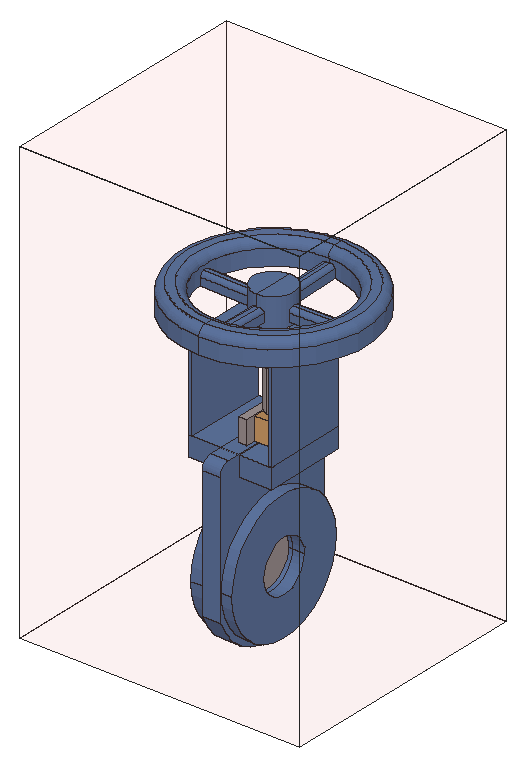
Revit family "Поли-Групп_ЗадвижкаШибернаяEAZ-ZT_DN50-500", category Арматура трубопроводов, Revit 2019
Family settings
  Размер круглого соединителя = Использовать диаметр
  Тип детали = Клапан - Вставляется
  На основе рабочей плоскости = Нет
  Всегда вертикально = Нет
  При загрузке вырезать с полостями = Нет
  Общий = Нет
Parameters (values of type "Загрузите типоразмеры из каталог семейств")
  Штурвал_Высота = DO * 0.25  # 45 mm
  Тип присоединения = "Межфланцевое"  # constant formula
  Тип привода = "Штурвал"  # constant formula
  Температура рабочей среды = "0 до +70°С"  # constant formula
  ТВ = "Поли-Групп_ЗадвижкаШибернаяEAZ-ZT_DN50-500"  # constant formula
  Срок службы = "50 лет"  # constant formula
  Сервисная зона_Вкл_Выкл [instance] = yes
  Рама_h = H2 - H3 - Штурвал_Высота  # 87 mm
  Шток_d = size_lookup(ТВ, "Tr", 20 mm, DN)  # 16 mm
  Шток_Смещение = O / 4  # 20 mm
  Разработчик = "https://3dbim.pro/"
  Рабочая среда = "Техническая вода, канализационные стоки, морская вода"  # constant formula
  Покрытие = "Высококачественное эпоксидное покрытие толщиной 300 мкм"  # constant formula
  Подшипник_d = size_lookup(ТВ, "Tr", 20 mm, DN) * 2  # 32 mm
  Назначение = "Для установки в качестве запорного устройства на трубопроводах"  # constant formula
  Материал Рамы = Сталь синий
  Материал Ножа = Сталь нержавеющая
  Материал уплотнителя = "NBR"  # constant formula
  Материал Диска = "Нержавеющая сталь марки 08Х18Н10"  # constant formula
  Крутящий момент = size_lookup(ТВ, "Крутящий момент", 0, DN, PN)  # 0
  Класс герметичности = "А по ГОСТ Р 9544-2015"  # constant formula
  Габаритные размеры = size_lookup(ТВ, "Габаритные размеры", "нет данных", DN, PN)  # "40х312х180"
  DO = size_lookup(ТВ, "DO", 500 mm, DN, PN)  # 180 mm
  PN = 10.0 bar
  O = size_lookup(ТВ, "O", 340 mm, DN, PN)  # 80 mm
  Стойка_t = H2 * 0.08  # 19.36 mm
  Стойка_Длина = O  # 80 mm
  Рама_t = 3 mm  # constant formula
  r = 10 mm  # constant formula
  Гайка_Ширина = size_lookup(ТВ, "Tr", 20 mm, DN) * 2  # 32 mm
  Гайка_Высота = size_lookup(ТВ, "Tr", 20 mm, DN) * 1.5  # 24 mm
  Нож_t = 8 mm  # constant formula
  Нож_Выступ = Рама_h * 0.25  # 21.75 mm
  r2 = r1 * 1.4  # 17.5 mm
  r1 = size_lookup(ТВ, "r1", 500 mm, DN, PN)  # 12.5 mm
  Kv = size_lookup(ТВ, "Kv", 1.00 m³/h, DN, PN)  # 1.00 m³/h
  D1 = size_lookup(ТВ, "D1", 340 mm, DN, PN)  # 125 mm
  k = size_lookup(ТВ, "k", 40 mm, DN, PN)  # 125 mm
  d = size_lookup(ТВ, "d", 20 mm, DN, PN)  # 16 mm
  XXL = H1 - 65 mm  # 5 mm
  L1 = size_lookup(ТВ, "L1", 500 mm, DN, PN)  # 17.2 mm
  L = size_lookup(ТВ, "L", 500 mm, DN, PN)  # 40 mm
  H3 = size_lookup(ТВ, "H3", 40 mm, DN, PN)  # 110 mm
  H2 = size_lookup(ТВ, "H2", 40 mm, DN, PN)  # 242 mm
  H1 = size_lookup(ТВ, "H1", 40 mm, DN, PN)  # 70 mm
  E = size_lookup(ТВ, "E", 340 mm, DN, PN)  # 136 mm
  DN = 50 mm
  ADSK_Расход жидкости [instance] = 0.00 m³/h
  ADSK_Примечание = ""
  ADSK_Потеря давления жидкости [instance] = (ADSK_Расход жидкости / Kv) ^ 2 * 1.0 bar  # 0.0 bar
  ADSK_Позиция = ""
  ADSK_Обозначение = ""
  ADSK_Наименование краткое = size_lookup(ТВ, "ADSK_Наименование краткое", "нет данных", DN, PN)  # "Задвижка шиберно-ножевая EAZ ZT DN50 PN10"
  ADSK_Наименование = size_lookup(ТВ, "ADSK_Наименование", "нет данных", DN, PN)  # "Задвижка шиберно-ножевая EAZ ZT для сточных вод межфланцевая DN50 PN10"
  ADSK_Материал наименование = "Высокопрочный чугун с шаровидным графитом (GGG-40) "  # constant formula
  ADSK_Материал = Высокопрочный чугун GGG-40
  ADSK_Масса_Текст = size_lookup(ТВ, "ADSK_Масса_Текст", "нет данных", DN, PN)  # "4.95"
  ADSK_Масса = size_lookup(ТВ, "ADSK_Масса", 0, DN, PN)  # 4.95
  ADSK_Марка = size_lookup(ТВ, "ADSK_Код изделия", "нет данных", DN, PN)  # "EAZ-KV-1 DN50 PN10"
  ADSK_Код изделия = ""
  ADSK_Завод-изготовитель = "ООО ПК «Поли-Групп»"  # constant formula
  ADSK_Единица измерения = "шт"  # constant formula
  ADSK_Версия Revit = "2019"  # constant formula
  ADSK_URL страницы изделия = "https://www.polycorr.ru/"
Reference planes
  plane 1 "По центру (Вперед/Назад)": y = 0
  plane 2: z = 0
  plane 3 "По центру (Влево/Вправо)": x = 0
  plane 4: z = 242
  plane 5: z = -70
  plane 6: y = 68
  plane 7: y = -68
  plane 8: x = 20
  plane 9: x = -20
  plane 10: x = 8.6
  plane 11: x = -8.6
  plane 12: y = -52
  plane 13: y = 52
  plane 14 "Стойки h": z = 197
  plane 15: z = 110
  plane 16: z = 131.75
  plane 17: y = -62.5
  plane 18: y = 62.5
  plane 19: y = 40
  plane 20: y = -40
  plane 21: x = -40
  plane 22: x = 40
  plane 23: z = 90.64
  plane 24: y = 15
  plane 25: y = -15
  plane 26: x = 10
  plane 27: x = -10
  plane 28: y = 40
  plane 29: x = 40
  plane 30: x = -40
  plane 31: y = -40
  plane 32 "Стойки t": z = 194
  plane 33: x = 20
  plane 34: x = 4
  plane 35: x = -4
  plane 36: z = 107.75
  plane 37: z = 5
  plane 38: x = -37
  plane 39: x = 37
  plane 40: y = 40
  plane 41: y = -40
Forms (mm)
  Extrusion 1, solid, material "Высокопрочный чугун GGG-40", detail levels fine
    sketch origin (-8.6, 166.937, 1200) x (0, 1, 0) y (0, 0, -1)
      loop
        line (-229.437, 1226.791) -> (-229.437, 1100)
        arc (-229.437, 1100) -> (-226.508, 1092.929) -> (-219.437, 1090) r 10
        line (-219.437, 1090) -> (-114.437, 1090)
        arc (-114.437, 1090) -> (-107.366, 1092.929) -> (-104.437, 1100) r 10
        line (-104.437, 1100) -> (-104.437, 1226.791)
        arc (-104.437, 1226.791) -> (-166.937, 1268) -> (-229.437, 1226.791) r 68
      loop
        circle (-166.937, 1200) r 25
    from 0 to -17.2
  Extrusion 2, solid, material "Высокопрочный чугун GGG-40", detail levels fine
    sketch origin (-20, -215.852, 1200) x (0, -1, 0) y (0, 0, 1)
      loop
        circle (-215.852, -1200) r 62.5
      loop
        circle (-215.852, -1200) r 25
    from 0 to -40
  Extrusion 3, solid, material "Высокопрочный чугун GGG-40", detail levels fine
    sketch origin (-8.6, 52.5, 110) x (0, -1, 0) y (1, 0, 0)
      loop
        line (92.5, 48.6) -> (12.5, 48.6) -> (12.5, -31.4) -> (92.5, -31.4) -> (92.5, 48.6)
    from -19.36 to 0
  Extrusion 4, solid, material "Сталь нержавеющая" <- "Материал Ножа", detail levels fine
    sketch origin (0, 0, 0) x (0, 1, 0) y (0, 0, 1)
      loop
        line (-25, 131.75) -> (-25, 0)
        arc (-25, 0) -> (0, -25) -> (25, 0) r 25
        line (25, 0) -> (25, 131.75) -> (-25, 131.75)
    from -4 to 4
  Extrusion 5, solid, material "Сталь нержавеющая" <- "Материал Ножа", detail levels fine
    sketch origin (0, -37.071, 110) x (0, 1, 0) y (-1, 0, 0)
      loop
        circle (37.071, -10) r 8
    from -2.25 to 87
  Extrusion 6, solid, material "Сталь синий" <- "Материал Рамы", detail levels fine
    sketch origin (0, 51.594, 194) x (0, 1, 0) y (-1, 0, 0)
      loop
        line (-11.594, 40) -> (-91.594, 40) -> (-91.594, -40) -> (-11.594, -40) -> (-11.594, 40)
    from 0 to 3
  Extrusion 7, solid, material "Латунь", detail levels fine
    sketch origin (4, 216.444, 1200) x (0, 1, 0) y (0, 0, 1)
      loop
        line (-200.444, -1092.25) -> (-200.444, -1068.25) -> (-232.444, -1068.25) -> (-232.444, -1092.25) -> (-200.444, -1092.25)
    from 0 to 16
  Extrusion 8, solid, material "Сталь синий" <- "Материал Рамы", detail levels fine
    sketch origin (0, 0, 0) x (1, 0, 0) y (0, 0, 1)
      loop
        line (-40, 194) -> (-40, 110) -> (-37, 110) -> (-37, 194) -> (-40, 194)
      loop
        line (40, 110) -> (40, 194) -> (37, 194) -> (37, 110) -> (40, 110)
    from -40 to 40
Cuts and joins
  joined: Extrusion 1, Extrusion 2
  joined: Extrusion 6, Extrusion 8
Dimensions and locks
  "H2": plane 4 to level
  "H1": level to plane 5
  equal spacing: plane 6, plane 1 "По центру (Вперед/Назад)", plane 7
  "E": plane 6 to plane 7
  equal spacing: plane 9, plane 3 "По центру (Влево/Вправо)", plane 8
  "L": plane 9 to plane 8
  equal spacing: plane 11, plane 3 "По центру (Влево/Вправо)", plane 10
  "L1": plane 11 to plane 10
  plane 3 "По центру (Влево/Вправо)" to plane 8 = 20 mm
  "H3": plane 15 to level
  "Нож_Выступ": plane 16 to plane 15
  equal spacing: plane 20, plane 1 "По центру (Вперед/Назад)", plane 19
  "Стойка_Длина": plane 20 to plane 19
  equal spacing: plane 21, plane 3 "По центру (Влево/Вправо)", plane 22
  "O": plane 21 to plane 22
  "Стойка_t": plane 15 to plane 23
  "Рама_h": plane 14 "Стойки h" to plane 15
  equal spacing: plane 25, plane 1 "По центру (Вперед/Назад)", plane 24
  equal spacing: plane 27, plane 3 "По центру (Влево/Вправо)", plane 26
  "Шток_Смещение": plane 27 to plane 26
  equal spacing: plane 28, plane 1 "По центру (Вперед/Назад)", plane 31
  "O": plane 28 to plane 31
  equal spacing: plane 30, plane 3 "По центру (Влево/Вправо)", plane 29
  "O": plane 30 to plane 29
  equal spacing: plane 18, plane 1 "По центру (Вперед/Назад)", plane 17
  "D1": plane 18 to plane 17
  "Рама_t": plane 14 "Стойки h" to plane 32 "Стойки t"
  equal spacing: plane 3 "По центру (Влево/Вправо)", plane 33, plane 22
  equal spacing: plane 35, plane 3 "По центру (Влево/Вправо)", plane 34
  "Нож_t": plane 35 to plane 34
  "Гайка_Высота": plane 16 to plane 36
  equal spacing: Extrusion 7 sketch curve, plane 1 "По центру (Вперед/Назад)", Extrusion 7 sketch curve
  "Гайка_Ширина": Extrusion 7 sketch curve to Extrusion 7 sketch curve
  "XXL": plane 37 to plane 2
  "Рама_t": plane 38 to plane 30
  "Рама_t": plane 29 to plane 39
  equal spacing: plane 40, plane 1 "По центру (Вперед/Назад)", plane 41
  "O": plane 40 to plane 41
  "E": diameter of Extrusion 1 sketch curve
  "D1": diameter of Extrusion 2 sketch curve
  "DN": diameter of Extrusion 4 sketch curve
  "DN": diameter of Extrusion 2 sketch curve
  "DN": diameter of Extrusion 1 sketch curve
  "r": radius of Extrusion 1 sketch curve  (x2)
  "Шток_d": diameter of Extrusion 5 sketch curve
  aligned and locked: level to plane 2
  aligned and locked: plane 10 to Extrusion 1
  aligned and locked: plane 8 to Extrusion 2
  aligned and locked: plane 1 "По центру (Вперед/Назад)" to nested 1
  aligned and locked: Extrusion 1 sketch curve to plane 15
  aligned and locked: plane 17 to Extrusion 1 sketch curve
  aligned and locked: plane 18 to Extrusion 1 sketch curve
  aligned and locked: plane 16 to Extrusion 4 sketch curve
  aligned and locked: Extrusion 3 to plane 23
  aligned and locked: plane 14 "Стойки h" to Extrusion 5
  aligned and locked: Extrusion 6 sketch curve to plane 28
  aligned and locked: plane 30 to Extrusion 6 sketch curve
  aligned and locked: plane 31 to Extrusion 6 sketch curve
  aligned and locked: plane 29 to Extrusion 6 sketch curve
  aligned and locked: plane 14 "Стойки h" to Extrusion 6
  aligned and locked: level to Extrusion 4 sketch curve
  aligned and locked: plane 1 "По центру (Вперед/Назад)" to Extrusion 4 sketch curve
  aligned and locked: plane 34 to Extrusion 4
  aligned and locked: plane 35 to Extrusion 4
  aligned and locked: plane 36 to Extrusion 7 sketch curve
  aligned and locked: Extrusion 7 to plane 33
  aligned and locked: plane 15 to Extrusion 3
  aligned and locked: nested 1 to plane 26
  aligned and locked: Extrusion 8 sketch curve to Extrusion 6
  aligned and locked: Extrusion 8 sketch curve to Extrusion 3
  aligned and locked: Extrusion 8 sketch curve to plane 32 "Стойки t"
  aligned and locked: Extrusion 8 sketch curve to plane 39
  aligned and locked: plane 38 to Extrusion 8 sketch curve
  aligned and locked: plane 28 to Extrusion 8
  aligned and locked: Extrusion 8 to plane 31
  aligned and locked: plane 40 to Extrusion 3 sketch curve  (x2)
  aligned and locked: plane 30 to Extrusion 3 sketch curve
  aligned and locked: plane 22 to Extrusion 3 sketch curve
  aligned and locked: Extrusion 5 to plane 36
  aligned and locked: plane 3 "По центру (Влево/Вправо)" to nested 2
  aligned and locked: level to nested 2
  aligned and locked: Extrusion 3 sketch curve to plane 31
  aligned and locked: plane 3 "По центру (Влево/Вправо)" to nested 3
  aligned and locked: plane 1 "По центру (Вперед/Назад)" to nested 3
  aligned and locked: nested 4 to level
  aligned and locked: plane 3 "По центру (Влево/Вправо)" to nested 4
  aligned and locked: nested 3 to level
Automatic sketch dimensions
  Extrusion 8 sketch curve to plane 15 = 0 mm  (x2)
  Extrusion 8 sketch curve to plane 32 "Стойки t" = 0 mm
  Extrusion 1 sketch curve to Extrusion 1 sketch curve = 0 mm  (x2)
  Extrusion 1 sketch curve to level = 0 mm
  Extrusion 1 sketch curve to plane 1 "По центру (Вперед/Назад)" = 0 mm
  Extrusion 2 sketch curve to Extrusion 2 sketch curve = 0 mm  (x2)
  Extrusion 2 sketch curve to level = 0 mm
  Extrusion 2 sketch curve to plane 1 "По центру (Вперед/Назад)" = 0 mm
  plane 1 "По центру (Вперед/Назад)" to Extrusion 5 sketch curve = 0 mm
  Extrusion 5 sketch curve to plane 26 = 0 mm
  Extrusion 7 sketch curve to plane 16 = 0 mm
Nested families
  nested 1: "Вл_Штурвал" at (10, 0, 197) x (0, -1, 0) z (0, 0, 1), type "Вл_Штурвал", detail levels fine
    with Штурвал_Осьd 156.6 mm, Штурвал_Высота 45 mm, Штурвал_КольцоШирина 23.4 mm, Держалка_Ширина/2 5.85 mm, Держалка_Ширина 11.7 mm, Держалка_d 121.5 mm, Держалка_Отступ 4.5 mm, Штурвал_ВнКольцоВысота 27.72 mm, Штурвал_ВнВысота 29.25 mm, DO 180 mm, Штурвал_Скруглений_r 7.722 mm, Штурвал_ВнКольцо_r 19.8 mm, Штурвал_Стойка_D 22.5 mm, D_Гайка 13.2 mm, DN 50 mm
  nested 2: "Вл_СервиснаяЗона" at (0, 0, 0), visible <- "Сервисная зона_Вкл_Выкл", type "Вл_СервиснаяЗона"
    with on_off yes, ДиаметрФланца 125 mm, СЗ_ВысотаПодОсью 62.5 mm, СЗ_ВысотаНадОсью 363 mm, СЗ_ШиринаВперед 125 mm, Длина 180 mm, СЗ_Длина 270 mm, ВысотаНадОсью 242 mm, СЗ_ШиринаНазад 125 mm, ВысотаПодОсью 125 mm
  nested 3: "УГО_АТ_Задвижка" at (-0.685, 0, 0) x (1, 0, 0) z (0, -1, 0), type "УГО_АТ_Задвижка", detail levels coarse+medium
    with УГО_Длина 40 mm, b 11.547 mm
  nested 4: "УГО_ЭУ_Задвижка" at (0, 0, 0) x (1, 0, 0) z (0, -1, 0), type "УГО_ЭУ_Задвижка", detail levels coarse+medium
    with УГО_Длина 40 mm, b 11.547 mm
Connectors
  piping at (-20, 0, 0), diameter 50, driven by "DN", driven by "ADSK_Расход жидкости"
    settings: on cut or joined group of Extrusion 1, Extrusion 2, index 1, connector inside diameter 609.6 mm, connector length 0 mm, flow factor 0, pipe flow 0.00 m³/h, pressure drop 0.0 bar, fitting loss kfactor 0, connector angle 0.00°, fixture units 0, engagement length 0 mm, angle of deflection 0.00°, flow configuration 0, flow direction 0, fitting loss method 0, system type 29, joint type 0, gender type 0, connector reference index 2, connector utility 0, adjustable connector no, is connector primary yes, connector description ""
  piping at (20, 0, 0), diameter 50, driven by "DN", driven by "ADSK_Расход жидкости", driven by "ADSK_Потеря давления жидкости"
    settings: on cut or joined group of Extrusion 1, Extrusion 2, index 2, connector inside diameter 609.6 mm, connector length 0 mm, flow factor 0, pipe flow 0.00 m³/h, pressure drop 0.0 bar, fitting loss kfactor 0, connector angle 0.00°, fixture units 0, engagement length 0 mm, angle of deflection 0.00°, flow configuration 0, flow direction 0, fitting loss method 4, system type 29, joint type 0, gender type 0, connector reference index 1, connector utility 0, adjustable connector no, is connector primary no, connector description ""
Definition of nested family "Вл_Штурвал"
  Parameters (values of type "Вл_Штурвал")
    Штурвал_Осьd = DO - Штурвал_КольцоШирина  # 783 mm
    Штурвал_Высота = DO * 0.25  # 225 mm
    Штурвал_КольцоШирина = DO * 0.13  # 117 mm
    Держалка_Ширина/2 = Держалка_Ширина * 0.5  # 29.25 mm
    Держалка_Ширина = Штурвал_КольцоШирина / 2  # 58.5 mm
    Держалка_d = Штурвал_Осьd - Штурвал_КольцоШирина * 1.5  # 607.5 mm
    Держалка_Отступ = Штурвал_Стойка_D * 0.2  # 22.5 mm
    Default Elevation = 1219.2 mm
    Материал_Штурвал = none
    Manufacturer = ""
    Штурвал_ВнКольцоВысота = Штурвал_ВнКольцо_r * 1.4  # 138.6 mm
    Штурвал_ВнВысота = Штурвал_Высота * 0.65  # 146.25 mm
    DO = 900 mm
    URL = ""
    Штурвал_Скруглений_r = Штурвал_КольцоШирина * 0.33  # 38.61 mm
    Штурвал_ВнКольцо_r = DO * 0.11  # 99 mm
    Штурвал_Стойка_D = Штурвал_Высота * 0.5  # 112.5 mm
    D_Гайка = Штурвал_ВнКольцо_r / 1.5  # 66 mm
    DN = 250 mm
  Reference planes
    plane 1 "По центру (Вперед/Назад)": y = 0
    plane 2: z = 0
    plane 3 "По центру (Влево/Вправо)": x = 0
    plane 4: x = 450
    plane 5: x = -450
    plane 6: y = 450
    plane 7: y = -450
    plane 8: z = 225
    plane 9: z = 108
    plane 10: x = 333
    plane 11: z = 217.35
    plane 12: z = 137.25
    plane 13: z = 78.75
    plane 14: x = 99
    plane 15: z = 101.25
  Forms (mm)
    Revolve 1, solid
      sketch origin (0, 0, 0) x (1, 0, 0) y (0, 0, 1)
        loop
          arc (371.61, 225) -> (344.309, 213.691) -> (333, 186.39) r 38.61
          line (333, 186.39) -> (333, 108) -> (450, 108) -> (450, 186.39)
          arc (450, 186.39) -> (438.691, 213.691) -> (411.39, 225) r 38.61
          line (411.39, 225) -> (371.61, 225)
        axis (0, 225) -> (0, 108)
      angle from 0 to 360
    Revolve 2, solid
      sketch origin (0, 0, 0) x (1, 0, 0) y (0, 0, 1)
        loop
          line (0, 217.35) -> (0, 78.75) -> (99, 78.75) -> (99, 217.35) -> (0, 217.35)
        axis (0, 217.35) -> (0, 78.75)
      angle from 0 to 360
    Extrusion 3, solid
      sketch origin (-128.236, -1524, 257.2) x (-1, 0, 0) y (0, -1, 0)
        loop
          circle (-128.236, -1524) r 56.25
      from -178.45 to -257.2
    Sweep 4, solid
      path in 3D
        loop
          line (0, 7.5, 101.25) -> (0, 435, 108) -> (0, 444, 108)
      profile "Вл_ПрофильШтурвала : Вл_ПрофильШтурвала" origin (0, 439.5, 108) x (0, 0, 1) y (1, 0, 0)
        loop
          arc (58.5, 9.75) -> (52.789, 23.539) -> (39, 29.25) r 19.5
          line (39, 29.25) -> (0, 29.25) -> (0, -29.25) -> (39, -29.25)
          arc (39, -29.25) -> (52.789, -23.539) -> (58.5, -9.75) r 19.5
          line (58.5, -9.75) -> (58.5, 9.75)
    Sweep 5, solid
      path in 3D
        loop
          line (-7.5, 0, 101.25) -> (-435, 0, 108) -> (-444, 0, 108)
      profile "Вл_ПрофильШтурвала : Вл_ПрофильШтурвала" origin (-439.5, 0, 108) x (0, 0, -1) y (0, -1, 0)
        loop
          arc (-58.5, -9.75) -> (-52.789, -23.539) -> (-39, -29.25) r 19.5
          line (-39, -29.25) -> (0, -29.25) -> (0, 29.25) -> (-39, 29.25)
          arc (-39, 29.25) -> (-52.789, 23.539) -> (-58.5, 9.75) r 19.5
          line (-58.5, 9.75) -> (-58.5, -9.75)
    Sweep 6, solid
      path in 3D
        loop
          line (0, -7.5, 101.25) -> (0, -435, 108) -> (0, -444, 108)
      profile "Вл_ПрофильШтурвала : Вл_ПрофильШтурвала" origin (0, -439.5, 108) x (0, 0, -1) y (1, 0, 0)
        loop
          arc (-58.5, -9.75) -> (-52.789, -23.539) -> (-39, -29.25) r 19.5
          line (-39, -29.25) -> (0, -29.25) -> (0, 29.25) -> (-39, 29.25)
          arc (-39, 29.25) -> (-52.789, 23.539) -> (-58.5, 9.75) r 19.5
          line (-58.5, 9.75) -> (-58.5, -9.75)
    Sweep 7, solid
      path in 3D
        loop
          line (7.5, 0, 101.25) -> (330, 0, 108) -> (444, 0, 108)
      profile "Вл_ПрофильШтурвала : Вл_ПрофильШтурвала" origin (387, 0, 108) x (0, 0, 1) y (0, -1, 0)
        loop
          arc (58.5, 9.75) -> (52.789, 23.539) -> (39, 29.25) r 19.5
          line (39, 29.25) -> (0, 29.25) -> (0, -29.25) -> (39, -29.25)
          arc (39, -29.25) -> (52.789, -23.539) -> (58.5, -9.75) r 19.5
          line (58.5, -9.75) -> (58.5, 9.75)
  Cuts and joins
    joined: Revolve 1, Revolve 2, Sweep 4, Sweep 5, Sweep 6, Sweep 7
  Lines and regions (mm)
    reference lines
      curve 1: circle (0, 0, 108) r 391.5 normal (0, 0, 1)
      curve 2: circle (0, 0, 101.25) r 49.5 normal (0, 0, 1)
      curve 3: circle (0, 0, 108) r 303.75 normal (0, 0, 1)
      curve 4: line (-7.5, 0, 101.25) -> (-435, 0, 108)
      curve 5: line (-435, 0, 108) -> (-444, 0, 108)
      curve 6: line (7.5, 0, 101.25) -> (330, 0, 108)
      curve 7: line (330, 0, 108) -> (444, 0, 108)
      curve 8: line (0, 7.5, 101.25) -> (0, 435, 108)
      curve 9: line (0, 435, 108) -> (0, 444, 108)
      curve 10: line (0, -7.5, 101.25) -> (0, -435, 108)
      curve 11: line (0, -435, 108) -> (0, -444, 108)
    sketch lines
      curve 12: line (0, 435, 108) -> (0, 444, 108)
      curve 13: line (0, 7.5, 101.25) -> (0, 435, 108)
      curve 14: line (-435, 0, 108) -> (-444, 0, 108)
      curve 15: line (-7.5, 0, 101.25) -> (-435, 0, 108)
      curve 16: line (0, -435, 108) -> (0, -444, 108)
      curve 17: line (0, -7.5, 101.25) -> (0, -435, 108)
      curve 18: line (330, 0, 108) -> (444, 0, 108)
      curve 19: line (7.5, 0, 101.25) -> (330, 0, 108)
  Dimensions and locks
    equal spacing: plane 6, plane 1 "По центру (Вперед/Назад)", plane 7
    "DO": plane 6 to plane 7
    equal spacing: plane 5, plane 3 "По центру (Влево/Вправо)", plane 4
    "DO": plane 5 to plane 4
    "Штурвал_КольцоШирина": plane 8 to plane 9
    "Штурвал_КольцоШирина": plane 4 to plane 10
    "Штурвал_ВнКольцоВысота": plane 11 to plane 13
    "Штурвал_ВнКольцо_r": plane 14 to plane 3 "По центру (Влево/Вправо)"
    "Держалка_Ширина/2": plane 12 to plane 9
    "Штурвал_ВнВысота": plane 8 to plane 13
    "Держалка_Отступ": plane 15 to plane 13
    "Штурвал_Высота": plane 8 to level
    "Штурвал_Стойка_D": diameter of Extrusion 3 sketch curve
    "Штурвал_Осьd": diameter of curve 1
    "Штурвал_ВнКольцо_r": diameter of curve 2
    "Штурвал_Скруглений_r": radius of Revolve 1 sketch curve  (x2)
    "Держалка_d": diameter of curve 3
    aligned and locked: level to plane 2
    aligned and locked: Revolve 1 sketch curve to plane 8
    aligned and locked: plane 10 to Revolve 1 sketch curve
    aligned and locked: plane 9 to Revolve 1 sketch curve
    aligned and locked: Revolve 1 sketch curve to plane 4
    aligned and locked: Revolve 1 sketch curve to plane 3 "По центру (Влево/Вправо)"
    aligned and locked: Revolve 2 sketch curve to plane 11
    aligned and locked: plane 3 "По центру (Влево/Вправо)" to Revolve 2 sketch curve
    aligned and locked: plane 13 to Revolve 2 sketch curve
    aligned and locked: Revolve 2 sketch curve to plane 14
    aligned and locked: Revolve 2 sketch curve to plane 3 "По центру (Влево/Вправо)"
    aligned and locked: curve 2 to curve 4
    aligned and locked: curve 4 to curve 3
    aligned and locked: curve 5 to curve 1
    aligned and locked: curve 2 to curve 6
    aligned and locked: curve 3 to curve 6
    aligned and locked: curve 1 to curve 7
    aligned and locked: curve 2 to curve 8
    aligned and locked: curve 3 to curve 8
    aligned and locked: curve 1 to curve 9
    aligned and locked: curve 2 to curve 10
    aligned and locked: curve 10 to curve 3
    aligned and locked: curve 11 to curve 1
    aligned and locked: Extrusion 3 to level
    aligned and locked: plane 13 to Extrusion 3
  Automatic sketch dimensions
    Revolve 2 sketch curve to plane 13 = 0 mm
    Revolve 2 sketch curve to Revolve 2 sketch curve = 70 mm
    plane 8 to Revolve 2 sketch curve = 40 mm
    plane 5 to curve 5 = 15 mm
    plane 5 to curve 5 = 6 mm
    curve 4 to plane 3 "По центру (Влево/Вправо)" = 7.5 mm
    plane 3 "По центру (Влево/Вправо)" to curve 6 = 7.5 mm
    curve 7 to plane 10 = 3 mm
    curve 7 to plane 4 = 6 mm
    curve 9 to plane 6 = 15 mm
    curve 8 to plane 1 "По центру (Вперед/Назад)" = 7.5 mm
    plane 1 "По центру (Вперед/Назад)" to curve 10 = 7.5 mm
    plane 7 to curve 11 = 15 mm
    plane 7 to curve 11 = 6 mm
    curve 9 to plane 6 = 6 mm
    plane 8 to Revolve 1 sketch curve = 4.2 mm
    Revolve 1 sketch curve to Revolve 1 sketch curve = 155.8 mm
    plane 1 "По центру (Вперед/Назад)" to Extrusion 3 sketch curve = 0 mm
    Extrusion 3 sketch curve to plane 3 "По центру (Влево/Вправо)" = 0 mm
    plane 1 "По центру (Вперед/Назад)" to curve 2 = 0 mm
    curve 2 to plane 3 "По центру (Влево/Вправо)" = 0 mm
    curve 1 to curve 3 = 0 mm  (x2)
    plane 1 "По центру (Вперед/Назад)" to curve 3 = 0 mm
    curve 3 to plane 3 "По центру (Влево/Вправо)" = 0 mm
Definition of nested family "Вл_СервиснаяЗона"
  Parameters (values of type "Вл_СервиснаяЗона")
    ДиаметрФланца = 285 mm
    СЗ_ВысотаПодОсью = ВысотаПодОсью * 0.5  # 200 mm
    СЗ_ВысотаНадОсью = ВысотаНадОсью * 1.5  # 1174.5 mm
    СЗ_ШиринаВперед = ДиаметрФланца  # 285 mm
    Default Elevation = 1219.2 mm
    Материал = none
    Длина = 400 mm
    СЗ_Длина = Длина * 1.5  # 600 mm
    ВысотаНадОсью = 783 mm
    СЗ_ШиринаНазад = ДиаметрФланца  # 285 mm
    ВысотаПодОсью = 400 mm
    on_off [instance] = yes
  Reference planes
    plane 1 "По центру (Вперед/Назад)": y = 0
    plane 2: z = 0
    plane 3 "По центру (Влево/Вправо)": x = 0
    plane 4: x = -300
    plane 5: x = 300
    plane 6: z = 1174.5
    plane 7: y = 285
    plane 8: y = -285
    plane 9: z = -200
  Forms (mm)
    Extrusion 1, solid, material <- "Материал", visible <- "on_off", detail levels fine
      sketch origin (0, 0, 0) x (1, 0, 0) y (0, 1, 0)
        loop
          line (-300, 285) -> (-300, -285) -> (300, -285) -> (300, 285) -> (-300, 285)
      from -200 to 1174.5
  Lines and regions (mm)
    symbolic lines, visible <- "on_off", detail levels fine
      curve 1: line (-300, 0, 1174.5) -> (300, 0, 1174.5)
      curve 2: line (300, 0, 1174.5) -> (300, 0, -200)
      curve 3: line (-300, -285, 0) -> (-300, 285, 0)
      curve 4: line (300, 285, 0) -> (300, -285, 0)
  Dimensions and locks
    equal spacing: plane 4, plane 3 "По центру (Влево/Вправо)", plane 5
    "СЗ_Длина": plane 4 to plane 5
    "СЗ_ВысотаНадОсью": plane 6 to level
    "СЗ_ВысотаПодОсью": level to plane 9
    "СЗ_ШиринаВперед": plane 1 "По центру (Вперед/Назад)" to plane 8
    "СЗ_ШиринаНазад": plane 7 to plane 1 "По центру (Вперед/Назад)"
    aligned and locked: level to plane 2
    aligned and locked: Extrusion 1 sketch curve to plane 4
    aligned and locked: Extrusion 1 sketch curve to plane 5
    aligned and locked: curve 1 to plane 6
    aligned and locked: curve 2 to plane 5
    aligned and locked: curve 3 to plane 4
    aligned and locked: curve 4 to plane 5
    aligned and locked: plane 9 to curve 2
    aligned and locked: Extrusion 1 to plane 8
    aligned and locked: plane 7 to Extrusion 1
    aligned and locked: plane 6 to Extrusion 1
    aligned and locked: Extrusion 1 to plane 9
  Automatic sketch dimensions
    Extrusion 1 sketch curve to plane 8 = 0 mm
    Extrusion 1 sketch curve to plane 7 = 0 mm
    plane 8 to curve 4 = 0 mm
    curve 3 to plane 8 = 0 mm
    plane 7 to curve 4 = 0 mm
    curve 3 to plane 7 = 0 mm
    curve 1 to plane 4 = 0 mm
Definition of nested family "УГО_АТ_Задвижка"
  Parameters (values of type "УГО_АТ_Задвижка")
    УГО_Длина = 210 mm
    b = (УГО_Длина / 2) * tan(30.00°)  # 60.622 mm
  Reference planes
    plane 1 "По центру (Вперед/Назад)": y = 0
    plane 2: z = 0
    plane 3 "По центру (Влево/Вправо)": x = 0.685
    plane 4: z = 60.622
    plane 5: z = -60.622
    plane 6: x = -104.315
    plane 7: x = 105.685
  Forms (mm)
    Extrusion 1, solid
      sketch origin (0, 0, 0) x (1, 0, 0) y (0, 0, 1)
        loop
          line (0.685, 0) -> (-104.315, 60.622) -> (-104.315, -60.622) -> (0.685, 0)
      from -1 to 1
    Extrusion 2, solid
      sketch origin (0, 0, 0) x (-1, 0, 0) y (0, 0, -1)
        loop
          line (-0.685, 0) -> (-105.685, 60.622) -> (-105.685, -60.622) -> (-0.685, 0)
      from -1 to 1
  Lines and regions (mm)
    model lines
      curve 1: line (0.685, 0, 60.622) -> (0.685, 0, -60.622)
  Dimensions and locks
    equal spacing: plane 4, level, plane 5
    "b": plane 4 to level
    equal spacing: plane 7, plane 3 "По центру (Влево/Вправо)", plane 6
    "УГО_Длина": plane 7 to plane 6
    locked: plane 2 to Extrusion 2 sketch curve (angle 30.00°)
    locked: Extrusion 2 sketch curve to plane 2 (angle 30.00°)
    locked: Extrusion 1 sketch curve to plane 2 (angle 30.00°)
    locked: plane 2 to Extrusion 1 sketch curve (angle 30.00°)
    aligned and locked: level to plane 2
    aligned and locked: curve 1 to plane 3 "По центру (Влево/Вправо)"
    aligned and locked: plane 4 to curve 1
    aligned and locked: plane 5 to curve 1
    aligned and locked: Extrusion 1 sketch curve to plane 6
    aligned and locked: Extrusion 2 sketch curve to plane 7
  Automatic sketch dimensions
    Extrusion 1 sketch curve to level = 0 mm
    Extrusion 1 sketch curve to plane 3 "По центру (Влево/Вправо)" = 0 mm
    Extrusion 2 sketch curve to level = 0 mm
    Extrusion 2 sketch curve to plane 3 "По центру (Влево/Вправо)" = 0 mm
Definition of nested family "УГО_ЭУ_Задвижка"
  Parameters (values of type "УГО_ЭУ_Задвижка")
    УГО_Длина = 60 mm
    b = (УГО_Длина / 2) * tan(30.00°)  # 17.321 mm
  Reference planes
    plane 1 "По центру (Вперед/Назад)": y = 0
    plane 2: z = 0
    plane 3 "По центру (Влево/Вправо)": x = 0
    plane 4: x = -30
    plane 5: x = 30
    plane 6: y = 17.321
    plane 7: y = -17.321
  Lines and regions (mm)
    Filled region 1, type "Сплошная заливка - Белый", in view "Опорный уровень"
      outline origin (0, 0, 0) x (1, 0, 0) y (0, 1, 0)
        loop
          line (0, 0) -> (-30, 17.321) -> (-30, -17.321) -> (0, 0)
    Filled region 2, type "Сплошная заливка - Белый", in view "Опорный уровень"
      outline origin (0, 0, 0) x (1, 0, 0) y (0, 1, 0)
        loop
          line (0, 0) -> (30, -17.321) -> (30, 17.321) -> (0, 0)
    detail lines, in view "Опорный уровень"
      curve 1: line (0, 0, 0) -> (-30, 17.321, 0)
      curve 2: line (0, 0, 0) -> (-30, -17.321, 0)
      curve 3: line (-30, -17.321, 0) -> (-30, 17.321, 0)
      curve 4: line (0, 0, 0) -> (30, 17.321, 0)
      curve 5: line (0, 0, 0) -> (30, -17.321, 0)
      curve 6: line (30, -17.321, 0) -> (30, 17.321, 0)
      curve 7: line (0, -17.321, 0) -> (0, 17.321, 0)
  Dimensions and locks
    equal spacing: plane 4, plane 3 "По центру (Влево/Вправо)", plane 5
    "УГО_Длина": plane 4 to plane 5
    equal spacing: plane 6, plane 1 "По центру (Вперед/Назад)", plane 7
    "b": plane 6 to plane 1 "По центру (Вперед/Назад)"
    locked: plane 1 "По центру (Вперед/Назад)" to curve 4 (angle 30.00°)
    locked: curve 1 to plane 1 "По центру (Вперед/Назад)" (angle 30.00°)
    locked: plane 1 "По центру (Вперед/Назад)" to curve 2 (angle 30.00°)
    locked: curve 5 to plane 1 "По центру (Вперед/Назад)" (angle 30.00°)
    aligned and locked: plane 4 to curve 3
    aligned and locked: curve 6 to plane 5
    aligned and locked: Filled region 1 sketch curve to curve 1
    aligned and locked: Filled region 1 sketch curve to curve 3
    aligned and locked: Filled region 1 sketch curve to curve 2
    aligned and locked: Filled region 2 sketch curve to curve 4
    aligned and locked: Filled region 2 sketch curve to curve 6
    aligned and locked: Filled region 2 sketch curve to curve 5
    aligned and locked: plane 3 "По центру (Влево/Вправо)" to curve 7
    aligned and locked: plane 6 to curve 7
    aligned and locked: plane 7 to curve 7
  Automatic sketch dimensions
    plane 1 "По центру (Вперед/Назад)" to curve 2 = 0 mm
    curve 2 to plane 3 "По центру (Влево/Вправо)" = 0 mm
Types in the file's own list only (8): name | Штурвал_Высота | Рама_h | Шток_d | Шток_Смещение | Подшипник_d | Габаритные размеры | DO | PN | O | Стойка_t | Стойка_Длина | Рама_t | r | Гайка_Ширина | Гайка_Высота | Нож_t | Нож_Выступ | r2 | r1 | Kv | D1 | k | d | XXL | L1 | L | H3 | H2 | H1 | E | DN | ADSK_Наименование краткое | ADSK_Наименование | ADSK_Материал наименование | ADSK_Масса_Текст | ADSK_Масса | ADSK_Марка
  50-10 | 45 мм | 87 мм | 16 мм | 20 мм | 32 мм | "40х312х180" | 180 мм | 10.0 бары | 80 мм | 19 мм | 80 мм | 3 мм | 10 мм | 32 мм | 24 мм | 8 мм | 22 мм | 18 мм | 13 мм | 1.00 м³/ч | 125 мм | 125 мм | 16 мм | 5 мм | 17 мм | 40 мм | 110 мм | 242 мм | 70 мм | 136 мм | 50 мм | "Задвижка шиберно-ножевая EAZ ZT DN50 PN10" | "Задвижка шиберно-ножевая EAZ ZT для сточных вод межфланцевая DN50 PN10" | "Высокопрочный чугун с шаровидным графитом (GGG-40)" | "4.95" | 4.95 | "EAZ-KV-1 DN50 PN10"
  100-10 | 50 мм | 122 мм | 20 мм | 23 мм | 40 мм | "50х410х200" | 200 мм | 10.0 бары | 92 мм | 25 мм | 92 мм | 3 мм | 10 мм | 40 мм | 30 мм | 8 мм | 31 мм | 21 мм | 15 мм | 1.00 м³/ч | 160 мм | 180 мм | 16 мм | 35 мм | 22 мм | 50 мм | 138 мм | 310 мм | 100 мм | 196 мм | 100 мм | "Задвижка шиберно-ножевая EAZ ZT DN100 PN10" | "Задвижка шиберно-ножевая EAZ ZT для сточных вод межфланцевая DN100 PN10" | "Высокопрочный чугун с шаровидным графитом (GGG-40)" | "10.5" | 10.5 | "EAZ-KV-1 DN100 PN10"
  150-10 | 63 мм | 215 мм | 24 мм | 27 мм | 48 мм | "60х582х250" | 250 мм | 10.0 бары | 106 мм | 36 мм | 106 мм | 3 мм | 10 мм | 48 мм | 36 мм | 8 мм | 54 мм | 26 мм | 19 мм | 1.00 м³/ч | 240 мм | 240 мм | 20 мм | 65 мм | 26 мм | 60 мм | 175 мм | 452 мм | 130 мм | 260 мм | 150 мм | "Задвижка шиберно-ножевая EAZ ZT DN150 PN10" | "Задвижка шиберно-ножевая EAZ ZT для сточных вод межфланцевая DN150 PN10" | "Высокопрочный чугун с шаровидным графитом (GGG-40)" | "19.5" | 19.5 | "EAZ-KV-1 DN150 PN10"
  200-10 | 70 мм | 278 мм | 24 мм | 32 мм | 48 мм | "60х713х280" | 280 мм | 10.0 бары | 126 мм | 44 мм | 126 мм | 3 мм | 10 мм | 48 мм | 36 мм | 8 мм | 70 мм | 25 мм | 18 мм | 1.00 м³/ч | 295 мм | 295 мм | 20 мм | 95 мм | 28 мм | 60 мм | 205 мм | 553 мм | 160 мм | 317 мм | 200 мм | "Задвижка шиберно-ножевая EAZ ZT DN200 PN10" | "Задвижка шиберно-ножевая EAZ ZT для сточных вод межфланцевая DN200 PN10" | "Высокопрочный чугун с шаровидным графитом (GGG-40)" | "29.9" | 29.9 | "EAZ-KV-1 DN200 PN10"
  250-10 | 80 мм | 343 мм | 26 мм | 35 мм | 52 мм | "70х860х320" | 320 мм | 10.0 бары | 140 мм | 53 мм | 140 мм | 3 мм | 10 мм | 52 мм | 39 мм | 8 мм | 86 мм | 25 мм | 18 мм | 1.00 м³/ч | 350 мм | 350 мм | 20 мм | 135 мм | 33 мм | 70 мм | 237 мм | 660 мм | 200 мм | 382 мм | 250 мм | "Задвижка шиберно-ножевая EAZ ZT DN250 PN10" | "Задвижка шиберно-ножевая EAZ ZT для сточных вод межфланцевая DN250 PN10" | "Высокопрочный чугун с шаровидным графитом (GGG-40)" | "47.9" | 47.9 | "EAZ-KV-1 DN250 PN10"
  300-10 | 100 мм | 403 мм | 28 мм | 38 мм | 56 мм | "70х1008х400" | 400 мм | 10.0 бары | 150 мм | 63 мм | 150 мм | 3 мм | 10 мм | 56 мм | 42 мм | 8 мм | 101 мм | 25 мм | 18 мм | 1.00 м³/ч | 400 мм | 400 мм | 20 мм | 160 мм | 38 мм | 70 мм | 280 мм | 783 мм | 225 мм | 430 мм | 300 мм | "Задвижка шиберно-ножевая EAZ ZT DN300 PN10" | "Задвижка шиберно-ножевая EAZ ZT для сточных вод межфланцевая DN300 PN10" | "Высокопрочный чугун с шаровидным графитом (GGG-40)" | "57.6" | 57.6 | "EAZ-KV-1 DN300 PN10"
  400-8 | 76 мм | 559 мм | 32 мм | 46 мм | 64 мм | "100х1350х305" | 305 мм | 8.0 бары | 184 мм | 85 мм | 184 мм | 3 мм | 10 мм | 64 мм | 48 мм | 8 мм | 140 мм | 26 мм | 19 мм | 1.00 м³/ч | 515 мм | 515 мм | 24 мм | 225 мм | 58 мм | 100 мм | 425 мм | 1060 мм | 290 мм | 580 мм | 400 мм | "Задвижка шиберно-ножевая EAZ ZT DN400 PN8" | "Задвижка шиберно-ножевая EAZ ZT для сточных вод межфланцевая DN400 PN8" | "Высокопрочный чугун с шаровидным графитом (GGG-40)" | "145" | 145 | "EAZ-KV-1 DN400 PN10"
  500-8 | 103 мм | 638 мм | 36 мм | 55 мм | 72 мм | "110х1650х410" | 410 мм | 8.0 бары | 218 мм | 105 мм | 218 мм | 3 мм | 10 мм | 72 мм | 54 мм | 8 мм | 159 мм | 28 мм | 20 мм | 1.00 м³/ч | 620 мм | 630 мм | 24 мм | 275 мм | 76 мм | 110 мм | 570 мм | 1310 мм | 340 мм | 730 мм | 500 мм | "Задвижка шиберно-ножевая EAZ ZT DN500 PN8" | "Задвижка шиберно-ножевая EAZ ZT для сточных вод межфланцевая DN500 PN8" | "Высокопрочный чугун с шаровидным графитом (GGG-40)" | "225" | 225 | "EAZ-KV-1 DN500 PN8"
